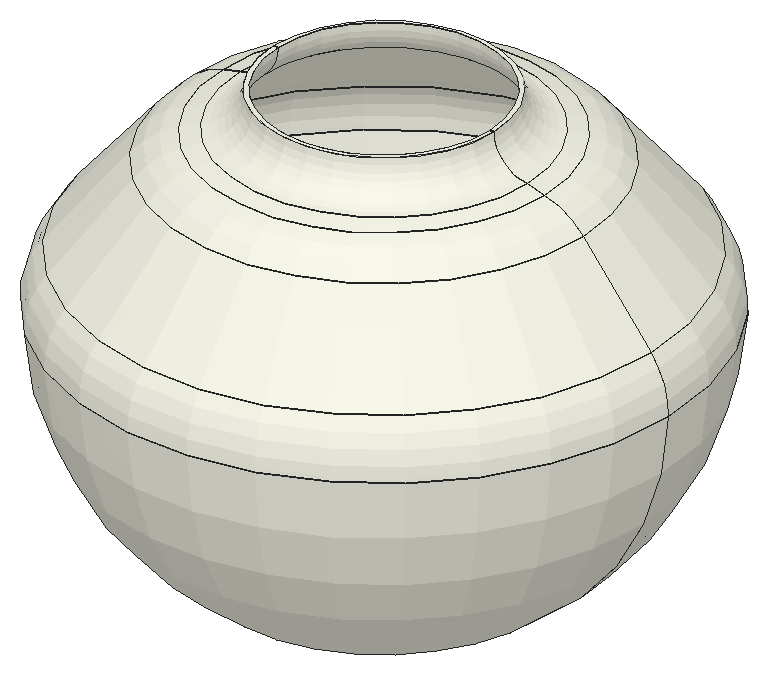
Revit family "SOB12", category Generic Models, Revit 2024
Family settings
  Can host rebar = No
  Round Connector Dimension = Use Diameter
  Part Type = Normal
  Work Plane-Based = No
  Always vertical = Yes
  Cut with Voids When Loaded = No
  Maintain Annotation Orientation = No
  Shared = No
  Room Calculation Point = No
Parameters
  Default Elevation = 0' - 0"
Reference planes (in)
  plane 1 "Center (Front/Back)": y = 0
  plane 2: z = 0
  plane 3 "Center (Left/Right)": x = 0
Forms (in)
  Revolve 1, solid, material "OPAL"
    sketch origin (0, 0, 0) x (1, 0, 0) y (0, 0, 1)
      loop
        arc (0, 30.66504) -> (4.15249, 32.3322) -> (5.99929, 36.40797) r 6.00501
        arc (5.99929, 36.40797) -> (5.91679, 36.98094) -> (5.63101, 37.48435) r 1.55965
        line (5.63101, 37.48435) -> (4.1996, 39.17353)
        arc (4.1996, 39.17353) -> (3.83596, 39.48803) -> (3.3938, 39.67683) r 1.55965
        arc (3.3938, 39.67683) -> (3.20886, 39.72247) -> (3.0233, 39.76554) r 13.78114
        arc (3.0233, 39.76554) -> (2.53101, 39.99521) -> (2.32111, 40.49625) r 0.75347
        line (2.32111, 40.49625) -> (2.22733, 40.49625)
        arc (2.22733, 40.49625) -> (2.45994, 39.93388) -> (3.00954, 39.67254) r 0.84722
        arc (3.00954, 39.67254) -> (3.19042, 39.63048) -> (3.37072, 39.58597) r 13.68739
        arc (3.37072, 39.58597) -> (3.78629, 39.40852) -> (4.12808, 39.11292) r 1.4659
        line (4.12808, 39.11292) -> (5.55949, 37.42374)
        arc (5.55949, 37.42374) -> (5.82809, 36.95059) -> (5.90563, 36.41207) r 1.4659
        arc (5.90563, 36.41207) -> (4.08766, 32.39992) -> (0, 30.75879) r 5.91126
        line (0, 30.75879) -> (0, 30.66504)
      axis (0, 40.49625) -> (0, 30.66504)
    angle from 0 to 360
Dimensions and locks (in)
  aligned and locked: plane 2 to level
